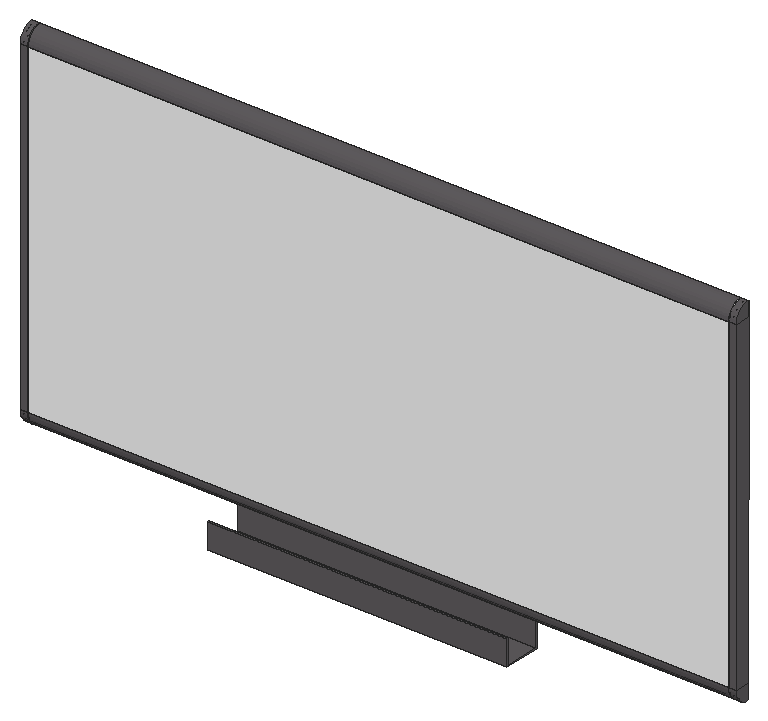
Revit family
Parameters (values of type "24"H x 48"W")
  Width = 4' - 0"
  URL = "http://www.hermanmiller.com/"
  Trim Finish [instance] = Herman Miller - Finish BU Black Umber
  Surface Finish [instance] = Finish - White
  Product Documentation Link = "http://www.hermanmiller.com/actionoffice/"
  OmniClass Title = "Panel-Hung Component"  # constant formula
  OmniClass Number = "23.40.70.14.64.21.11"  # constant formula
  Model = "A3510.2448"
  Manufacturer = "Herman Miller, Inc."  # constant formula
  Height = 2' - 0"
  Description = "Marker Board B-Style 24H 48W"
  Depth = 0' - 1"  # constant formula
  Default Placement Height [instance] = 2' - 6"
  Copyright © = "Copyright © Herman Miller, Inc."  # constant formula
  Catalog = "Action Office System (HAO)"  # constant formula
  Assembly Code = "E2020200"
Types (4): name | Width | Model | Height | Description
  (no name) | 4' - 0" | "A3510.2448" | 2' - 0" | "Marker Board B-Style 24H 48W"
  24"H x 48"W | 4' - 0" | "A3510.2448" | 2' - 0" | "Marker Board B-Style 24H 48W"
  30"H x 30"W | 2' - 6" | "A3510.3030" | 2' - 6" | "Marker Board B-Style 30H 30W"
  48"H x 48"W | 4' - 0" | "A3510.4848" | 4' - 0" | "Marker Board B-Style 48H 48W"
Reference planes (in)
  plane 1 "Center F/B": y = 0
  plane 2 "Bottom": z = 30
  plane 3 "Center L/R": x = 0
  plane 4 "Back": y = 0.46875
  plane 5 "Front": y = -0.46875
  plane 6 "Left": x = -23.96875
  plane 7 "Frame Right": x = 24
  plane 8 "Top": z = 53.9375
  plane 9 "Top Curve": z = 52.96875
  plane 10 "Bottom Curve": z = 30.96875
  plane 11 "Trim Front": y = -0.5
  plane 12 "Tray Back": y = 0.25
  plane 13 "Tray Bottom": z = 28.248
  plane 14 "Tray Front": y = -2.25
  plane 15 "Tray Front Inset": y = -2.1875
  plane 16 "Tray Bottom Inset": z = 28.3105
  plane 17 "Tray Back Inset": y = 0.1875
  plane 18 "Frame Bottom": z = 29.96875
  plane 19 "Frame Top": z = 53.96875
  plane 20 "Frame Left": x = -24
  plane 21 "Right": x = 23.96875
  plane 22 "Frame Back": y = 0.5
  plane 23 "Tray Left": x = -10.002
  plane 24 "Tray Right": x = 9.998
  plane 25 "Frame Inside Left": x = -23.50003
  plane 26 "Frame Inside Right": x = 23.5
Forms (in)
  Extrusion 1, solid, material "Finish - White" <- "Surface Finish"
    sketch origin (0, 0, 29) x (0, 1, 0) y (0, 0, 1)
      loop
        arc (0.46875, 24.9375) -> (-0.2053, 24.6518) -> (-0.46875, 23.96875) r 0.938
        line (-0.46875, 23.96875) -> (-0.46875, 1.96875)
        arc (-0.46875, 1.96875) -> (-0.196, 1.2947) -> (0.46875, 1) r 0.96927
        line (0.46875, 1) -> (0.46875, 24.9375)
    from -23.50003 to 23.5
  Extrusion 2, solid, material "Herman Miller - Finish BU Black Umber" <- "Trim Finish", detail levels medium+fine
    sketch origin (0, 0, 0) x (0, 1, 0) y (0, 0, 1)
      loop
        line (0.25, 29.96875) -> (0.1875, 29.96875) -> (0.1875, 28.3105) -> (-2.1875, 28.3105) -> (-2.1875, 29.96875) -> (-2.25, 29.96875) -> (-2.25, 28.248) -> (0.25, 28.248) -> (0.25, 29.96875)
    from -10.002 to 9.998
  Extrusion 3, solid, material "Herman Miller - Finish BU Black Umber" <- "Trim Finish"
    sketch origin (0, 0, 0) x (0, 1, 0) y (0, 0, 1)
      loop
        line (0.5, 29.96875) -> (0.5, 30.96875) -> (-0.5, 30.96875)
        arc (-0.5, 30.96875) -> (-0.20711, 30.26164) -> (0.5, 29.96875) r 1
      loop
        arc (0.5, 53.96875) -> (-0.20711, 53.67586) -> (-0.5, 52.96875) r 1
        line (-0.5, 52.96875) -> (0.5, 52.96875) -> (0.5, 53.96875)
    from -24 to 24
  Extrusion 4, solid, material "Herman Miller - Finish BU Black Umber" <- "Trim Finish"
    sketch origin (0, 0, 0) x (0, 1, 0) y (0, 0, 1)
      loop
        arc (0.5, 53.96875) -> (-0.20711, 53.67586) -> (-0.5, 52.96875) r 1
        line (-0.5, 52.96875) -> (-0.5, 30.96875)
        arc (-0.5, 30.96875) -> (-0.20711, 30.26164) -> (0.5, 29.96875) r 1
        line (0.5, 29.96875) -> (0.5, 53.96875)
    from -24 to -23.50003
  Extrusion 5, solid, material "Herman Miller - Finish BU Black Umber" <- "Trim Finish"
    sketch origin (0, 0, 0) x (0, 1, 0) y (0, 0, -1)
      loop
        line (0.5, -53.96875) -> (0.5, -29.96875)
        arc (0.5, -29.96875) -> (-0.20711, -30.26164) -> (-0.5, -30.96875) r 1
        line (-0.5, -30.96875) -> (-0.5, -52.96875)
        arc (-0.5, -52.96875) -> (-0.20711, -53.67586) -> (0.5, -53.96875) r 1
    from -24 to -23.5
Lines and regions (in)
  Masking region 1
    outline origin (0, 0, 53.9375) x (-1, 0, 0) y (0, -1, 0)
      loop
        line (24, -0.5) -> (24, 0.5) -> (-23.96875, 0.5) -> (-23.96875, -0.5) -> (24, -0.5)
  Masking region 2
    outline origin (0, 0, 0) x (1, 0, 0) y (0, 0, 1)
      loop
        line (-24, 53.96875) -> (-24, 29.96875) -> (24, 29.96875) -> (24, 53.96875) -> (-24, 53.96875)
  Masking region 3, detail levels coarse+medium
    outline origin (0, 0, 29) x (0, 1, 0) y (0, 0, 1)
      loop
        line (0.5, 24.96875) -> (-0.5, 24.96875) -> (-0.5, 0.96875) -> (0.5, 0.96875) -> (0.5, 24.96875)
  Masking region 4, detail levels fine
    outline origin (0, 0, 29) x (0, 1, 0) y (0, 0, 1)
      loop
        arc (0.46875, 24.9375) -> (-0.2053, 24.6518) -> (-0.46875, 23.96875) r 0.938
        line (-0.46875, 23.96875) -> (-0.46875, 1.96875)
        arc (-0.46875, 1.96875) -> (-0.196, 1.2947) -> (0.46875, 1) r 0.96927
        line (0.46875, 1) -> (0.46875, 24.9375)
  Masking region 5, detail levels medium+fine
    outline origin (0, 0, 0) x (1, 0, 0) y (0, 1, 0)
      loop
        line (-10.002, -2.25) -> (9.998, -2.25) -> (9.998, -0.5) -> (-10.002, -0.5) -> (-10.002, -2.25)
  Masking region 6, detail levels medium+fine
    outline origin (0, 0, 0) x (0, 1, 0) y (0, 0, 1)
      loop
        line (0.25, 29.96875) -> (0.1875, 29.96875) -> (0.1875, 28.3105) -> (-2.1875, 28.3105) -> (-2.1875, 29.96875) -> (-2.25, 29.96875) -> (-2.25, 28.248) -> (0.25, 28.248) -> (0.25, 29.96875)
  Masking region 7, detail levels medium+fine
    outline origin (0, 0, 0) x (1, 0, 0) y (0, 0, 1)
      loop
        line (-10.002, 28.248) -> (9.998, 28.248) -> (9.998, 29.96875) -> (-10.002, 29.96875) -> (-10.002, 28.248)
  Masking region 8, detail levels medium+fine
    outline origin (0, 0, 0) x (1, 0, 0) y (0, 0, 1)
      loop
        line (-23.50003, 30.96875) -> (23.5, 30.96875) -> (23.5, 52.96875) -> (-23.50003, 52.96875) -> (-23.50003, 30.96875)
  Masking region 9, detail levels medium+fine
    outline origin (0, 0, 0) x (1, 0, 0) y (0, 1, 0)
      loop
        line (23.5, 0.46875) -> (-23.50003, 0.46875) -> (-23.50003, -0.46875) -> (23.5, -0.46875) -> (23.5, 0.46875)
Dimensions and locks (in)
  "Width": plane 20 "Frame Left" to plane 7 "Frame Right"
  equal spacing: plane 5 "Front", plane 1 "Center F/B", plane 4 "Back"
  "Depth": plane 11 "Trim Front" to plane 22 "Frame Back"
  "Height": plane 19 "Frame Top" to plane 18 "Frame Bottom"
  locked: plane 19 "Frame Top" to plane 9 "Top Curve" at 1
  locked: plane 10 "Bottom Curve" to plane 18 "Frame Bottom" at 1
  "Default Placement Height": plane 2 "Bottom" to level
  locked: plane 5 "Front" to plane 11 "Trim Front" at 0.03125
  locked: plane 12 "Tray Back" to plane 1 "Center F/B" at 0.25
  locked: plane 1 "Center F/B" to plane 14 "Tray Front" at 2.25
  locked: plane 15 "Tray Front Inset" to plane 14 "Tray Front" at 0.0625
  locked: plane 16 "Tray Bottom Inset" to plane 13 "Tray Bottom" at 0.0625
  locked: plane 12 "Tray Back" to plane 17 "Tray Back Inset" at 0.0625
  locked: plane 2 "Bottom" to plane 18 "Frame Bottom" at 0.03125
  locked: plane 19 "Frame Top" to plane 8 "Top" at 0.03125
  locked: plane 20 "Frame Left" to plane 6 "Left" at 0.03125
  locked: plane 22 "Frame Back" to plane 4 "Back" at 0.03125
  locked: plane 23 "Tray Left" to plane 3 "Center L/R" at 10.002
  locked: plane 3 "Center L/R" to plane 24 "Tray Right" at 9.998
  locked: plane 20 "Frame Left" to plane 25 "Frame Inside Left" at 0.49997
  locked: plane 7 "Frame Right" to plane 26 "Frame Inside Right" at 0.5
  locked: plane 21 "Right" to plane 7 "Frame Right" at 0.03125
  equal spacing: plane 20 "Frame Left", plane 3 "Center L/R", plane 7 "Frame Right"
  locked: plane 18 "Frame Bottom" to plane 13 "Tray Bottom" at 1.72075
  aligned and locked: Extrusion 1 sketch curve to plane 5 "Front"
  aligned and locked: plane 9 "Top Curve" to Extrusion 1 sketch curve
  aligned and locked: plane 5 "Front" to Extrusion 1 sketch curve
  aligned and locked: plane 8 "Top" to Extrusion 1 sketch curve
  aligned and locked: plane 4 "Back" to Extrusion 1 sketch curve  (x2)
  aligned and locked: plane 2 "Bottom" to Extrusion 1 sketch curve
  aligned and locked: plane 10 "Bottom Curve" to Extrusion 1 sketch curve
  aligned and locked: Masking region 4 sketch curve to plane 4 "Back"
  aligned and locked: plane 9 "Top Curve" to Masking region 4 sketch curve
  aligned and locked: plane 5 "Front" to Masking region 4 sketch curve  (x2)
  aligned and locked: plane 8 "Top" to Masking region 4 sketch curve
  aligned and locked: plane 4 "Back" to Masking region 4 sketch curve
  aligned and locked: plane 2 "Bottom" to Masking region 4 sketch curve
  aligned and locked: plane 10 "Bottom Curve" to Masking region 4 sketch curve
  aligned and locked: plane 19 "Frame Top" to Masking region 3 sketch curve
  aligned and locked: plane 22 "Frame Back" to Masking region 3 sketch curve
  aligned and locked: Masking region 3 sketch curve to plane 11 "Trim Front"
  aligned and locked: Masking region 1 sketch curve to plane 22 "Frame Back"
  aligned and locked: Masking region 1 sketch curve to plane 20 "Frame Left"
  aligned and locked: plane 11 "Trim Front" to Masking region 1 sketch curve
  aligned and locked: plane 21 "Right" to Masking region 1 sketch curve
  aligned and locked: Masking region 5 sketch curve to plane 23 "Tray Left"
  aligned and locked: Masking region 5 sketch curve to plane 24 "Tray Right"
  aligned and locked: plane 11 "Trim Front" to Masking region 5 sketch curve
  aligned and locked: Masking region 5 sketch curve to plane 14 "Tray Front"
  aligned and locked: plane 18 "Frame Bottom" to Masking region 3 sketch curve
  aligned and locked: plane 12 "Tray Back" to Masking region 6 sketch curve
  aligned and locked: plane 17 "Tray Back Inset" to Masking region 6 sketch curve
  aligned and locked: plane 16 "Tray Bottom Inset" to Masking region 6 sketch curve
  aligned and locked: Masking region 6 sketch curve to plane 13 "Tray Bottom"
  aligned and locked: plane 15 "Tray Front Inset" to Masking region 6 sketch curve
  aligned and locked: plane 14 "Tray Front" to Masking region 6 sketch curve
  aligned and locked: plane 18 "Frame Bottom" to Masking region 6 sketch curve
  aligned and locked: Masking region 6 sketch curve to plane 18 "Frame Bottom"
  aligned and locked: Masking region 2 sketch curve to plane 19 "Frame Top"
  aligned and locked: Masking region 2 sketch curve to plane 18 "Frame Bottom"
  aligned and locked: Masking region 2 sketch curve to plane 20 "Frame Left"
  aligned and locked: Masking region 7 sketch curve to plane 23 "Tray Left"
  aligned and locked: Masking region 7 sketch curve to plane 24 "Tray Right"
  aligned and locked: Masking region 7 sketch curve to plane 18 "Frame Bottom"
  aligned and locked: Masking region 7 sketch curve to plane 13 "Tray Bottom"
  aligned and locked: plane 18 "Frame Bottom" to Extrusion 2 sketch curve
  aligned and locked: plane 14 "Tray Front" to Extrusion 2 sketch curve
  aligned and locked: plane 15 "Tray Front Inset" to Extrusion 2 sketch curve
  aligned and locked: plane 16 "Tray Bottom Inset" to Extrusion 2 sketch curve
  aligned and locked: Extrusion 2 sketch curve to plane 13 "Tray Bottom"
  aligned and locked: plane 12 "Tray Back" to Extrusion 2 sketch curve
  aligned and locked: plane 17 "Tray Back Inset" to Extrusion 2 sketch curve
  aligned and locked: Extrusion 2 sketch curve to plane 18 "Frame Bottom"
  aligned and locked: plane 23 "Tray Left" to Extrusion 2
  aligned and locked: Extrusion 2 to plane 24 "Tray Right"
  aligned and locked: plane 10 "Bottom Curve" to Extrusion 3 sketch curve  (x2)
  aligned and locked: plane 22 "Frame Back" to Extrusion 3 sketch curve  (x3)
  aligned and locked: plane 11 "Trim Front" to Extrusion 3 sketch curve  (x2)
  aligned and locked: plane 18 "Frame Bottom" to Extrusion 3 sketch curve
  aligned and locked: plane 9 "Top Curve" to Extrusion 3 sketch curve  (x2)
  aligned and locked: plane 19 "Frame Top" to Extrusion 3 sketch curve
  aligned and locked: plane 7 "Frame Right" to Extrusion 3
  aligned and locked: Extrusion 3 to Masking region 2
  aligned and locked: plane 19 "Frame Top" to Extrusion 4 sketch curve
  aligned and locked: plane 11 "Trim Front" to Extrusion 4 sketch curve
  aligned and locked: plane 9 "Top Curve" to Extrusion 4 sketch curve
  aligned and locked: plane 10 "Bottom Curve" to Extrusion 4 sketch curve
  aligned and locked: plane 18 "Frame Bottom" to Extrusion 4 sketch curve
  aligned and locked: plane 22 "Frame Back" to Extrusion 4 sketch curve
  aligned and locked: Extrusion 4 sketch curve to plane 11 "Trim Front"
  aligned and locked: Extrusion 4 to plane 25 "Frame Inside Left"
  aligned and locked: Extrusion 4 to Masking region 2
  aligned and locked: Extrusion 5 to plane 26 "Frame Inside Right"
  aligned and locked: plane 7 "Frame Right" to Extrusion 5
  aligned and locked: Extrusion 5 sketch curve to plane 11 "Trim Front"
  aligned and locked: plane 9 "Top Curve" to Extrusion 5 sketch curve
  aligned and locked: plane 19 "Frame Top" to Extrusion 5 sketch curve
  aligned and locked: plane 22 "Frame Back" to Extrusion 5 sketch curve  (x2)
  aligned and locked: plane 11 "Trim Front" to Extrusion 5 sketch curve
  aligned and locked: plane 10 "Bottom Curve" to Extrusion 5 sketch curve
  aligned and locked: plane 18 "Frame Bottom" to Extrusion 5 sketch curve
  aligned and locked: plane 26 "Frame Inside Right" to Extrusion 1
  aligned and locked: plane 25 "Frame Inside Left" to Extrusion 1
  aligned and locked: Masking region 8 sketch curve to plane 25 "Frame Inside Left"
  aligned and locked: Masking region 8 sketch curve to plane 9 "Top Curve"
  aligned and locked: Masking region 8 sketch curve to plane 10 "Bottom Curve"
  aligned and locked: plane 26 "Frame Inside Right" to Masking region 8 sketch curve
  aligned and locked: plane 7 "Frame Right" to Masking region 2 sketch curve
  aligned and locked: plane 7 "Frame Right" to Masking region 2
  aligned and locked: Masking region 9 sketch curve to Extrusion 1  (x2)
  aligned and locked: Extrusion 4 to Masking region 9 sketch curve
  aligned and locked: Extrusion 5 to Masking region 9 sketch curve
  aligned and locked: plane 22 "Frame Back" to Masking region 1
  aligned and locked: plane 11 "Trim Front" to Masking region 1
  aligned and locked: plane 5 "Front" to Masking region 9
  aligned and locked: plane 25 "Frame Inside Left" to Masking region 9
  aligned and locked: Masking region 9 to Extrusion 1
  aligned and locked: Masking region 9 to Extrusion 4
